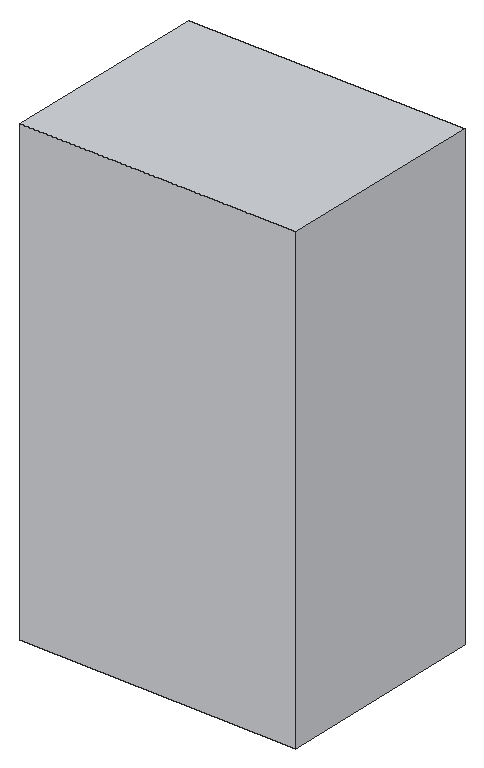
Revit family
Parameters
  Warranty Duration (Years) = 0
  URL = "http://www.americanspecialties.com/viewCategories.cfm"
  Body Material = Metal - Stainless Steel
  Test Data = ""
  Specification = "http://www.arcat.com/sdspecs/htm/10810asi.htm"
  SpecWizard = ""
  Send Message = "http://www.arcat.com/users.pl?action=UserEmail&company=American%20Specialties,%20Inc.&coid=30448&rep=139&fax=914-476-0688&mf="
  Sales Information = "http://www.americanspecialties.com/contact"
  Revision = "R1_10-2010"
  Product Properties = "http://www.americanspecialties.com/datasheets/0785-ZA.pdf"
  Product Data = "http://www.arcat.com/arcatcos/cos30/arc30448.html"
  Model = "As Specified in 10 28 13"
  Manufacturer Website = "http://www.americanspecialties.com/viewCategories.cfm"
  Manufacturer Phone - Toll Free = ""
  Manufacturer Phone = "914-476-9000 "
  Manufacturer Fax = "914-476-0688"
  Manufacturer Address = "441 Saw Mill River Rd., Yonkers, NY 10701"
  Manufacturer = "American Specialties, Inc."
  Maintenance Schedule (Months) = 0
  Keynote = "10 28 13"
  Installation-Fabrication = "http://www.americanspecialties.com/products.cfm"
  Green Building-LEED = ""
  Expected Lifespan (Years) = 0
  Trim Material = Metal - Stainless Steel
  Drawn By = "Robert S. Weygant. CSI, CDT, SCIP"  # constant formula
  Description = "Toilet Accessory as Specified in 10 28 13"
  Default Elevation = 4' - 0"
  Copyright = "©Arcat Inc."
  Construction Details = "http://www.arcat.com/green/clients/leed_data_30448.html"
  Building Codes = "http://www.americanspecialties.com/products.cfm"
  Assembly Code = "C1030210"
Reference planes (in)
  plane 1 "Center (Front/Back)": y = -0.29112
  plane 2 "Floor Line": z = 0
  plane 3 "Center (Left/Right)": x = -0.78343
  plane 4: z = 0.4375
  plane 5: y = -1.04112
  plane 6: y = 0.45888
  plane 7: y = 0.08388
  plane 8: y = -0.66612
  plane 9: z = 0.75
  plane 10: z = 1.5
  plane 11: x = -1.81468
  plane 12: x = 0.24782
  plane 13: x = -1.00218
  plane 14: x = -0.56468
Forms (in)
  Extrusion 1, solid
    sketch origin (-3, -9, -6) x (0, 0, -1) y (1, 0, 0)
      loop
        line (-82, 26) -> (-82, -19.34712) -> (-6, -19.34712) -> (-6, 26) -> (-82, 26)
    from 9 to -25.60721
  Extrusion 2, solid, material "Metal - Stainless Steel" <- "Body Material"
    sketch origin (-0.0625, -0.29112, 0) x (1, 0, 0) y (0, 0, 1)
      loop
        line (-1.75218, 0) -> (0.31032, 0)
        arc (0.31032, 0) -> (0.18218, 0.30936) -> (-0.12718, 0.4375) r 0.4375
        line (-0.12718, 0.4375) -> (-1.31468, 0.4375)
        arc (-1.31468, 0.4375) -> (-1.62404, 0.30936) -> (-1.75218, 0) r 0.4375
    from -0.75 to 0.75
  Extrusion 3, solid, material "Metal - Stainless Steel" <- "Body Material"
    sketch origin (0, 0, 0) x (1, 0, 0) y (0, 1, 0)
      loop
        line (-1.00218, 0.08388) -> (-1.00218, -0.66612) -> (-0.56468, -0.66612) -> (-0.56468, 0.08388) -> (-1.00218, 0.08388)
    from 0.75 to 1.5
  SweptBlend 4, solid, material "Metal - Stainless Steel" <- "Body Material"
    path origin (-0.09375, -0.29112, 0) x (1, 0, 0) y (0, 0, 1)
      loop
        line (-0.78343, 0.4375) -> (-0.78343, 0.75)
    profile origin (-0.87718, -0.29112, 0.4375) x (-1, 0, 0) y (0, -1, 0)
      loop
        line (0.3125, -0.5) -> (0.3125, 0.5) -> (-0.5, 0.5) -> (-0.5, -0.5) -> (0.3125, -0.5)
    end profile origin (-0.87718, -0.29112, 0.75) x (-1, 0, 0) y (0, -1, 0)
      loop
        line (-0.3125, -0.375) -> (0.125, -0.375) -> (0.125, 0.375) -> (-0.3125, 0.375) -> (-0.3125, -0.375)
  Sweep 5, solid, material "Metal - Stainless Steel" <- "Body Material"
    path origin (0, 0, 0) x (1, 0, 0) y (0, 1, 0)
      loop
        arc (0.75068, -3.91612) -> (1.52302, -3.55132) -> (1.73187, -2.7231) r 1
        line (1.73187, -2.7231) -> (1.4122, -1.0981)
        arc (1.4122, -1.0981) -> (1.06621, -0.51878) -> (0.43101, -0.29112) r 1
        line (0.43101, -0.29112) -> (-1.99787, -0.29112)
        arc (-1.99787, -0.29112) -> (-2.63308, -0.51878) -> (-2.97907, -1.0981) r 1
        line (-2.97907, -1.0981) -> (-3.29874, -2.7231)
        arc (-3.29874, -2.7231) -> (-3.08989, -3.55132) -> (-2.31755, -3.91612) r 1
        line (-2.31755, -3.91612) -> (0.75068, -3.91612)
    profile origin (-0.78343, -3.91612, 0) x (0, -1, 0) y (0, 0, 1)
      loop
        circle (0, 1.15364) r 0.1875
Cuts and joins
  joined: Extrusion 3, SweptBlend 4
Dimensions and locks (in)
  aligned and locked: Extrusion 2 to level
  aligned and locked: plane 4 to Extrusion 2
  aligned and locked: Extrusion 3 to plane 9
  aligned and locked: plane 10 to Extrusion 3
  aligned and locked: Extrusion 3 to plane 13  (x2)
  aligned and locked: plane 14 to Extrusion 3
  aligned and locked: plane 14 to SweptBlend 4
  aligned and locked: SweptBlend 4 sketch curve to Extrusion 3
